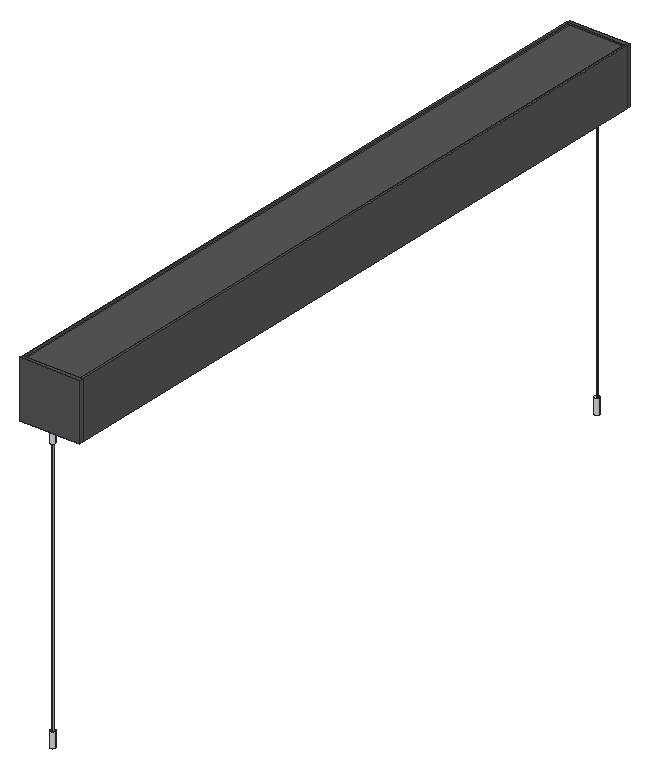
Revit family "EOS4.0-P-DI", category Lighting Fixtures, host Face, Revit 2018
Family settings
  Host = Face
  Round Connector Dimension = Use Diameter
  Part Type = Normal
  Cut with Voids When Loaded = No
  Light Source = Yes
  Shared = Yes
  Room Calculation Point = Yes
Parameters (values of type "4' Direct/ Indirect")
  Wattage = 35.2941 W
  built-in parameter 1150110 = 1 (stored number, unit not read)
  Voltage = 0 V
  built-in parameter 1114217 = 1 (stored number, unit not read)
  Tilt Angle = 90.00°
  built-in parameter 1150109 = 1 (stored number, unit not read)
  built-in parameter 1150134 = 12
  Switch Leg Visibility = no
  Switch Leg [instance] = ""
  Suspension Length [instance] = 2' - 0"
  built-in parameter 1150113 = 1 (stored number, unit not read)
  Photometric Web File = "EOS4.0-P-DI_375_375_4_40K_8.ies"
  Material [instance] = LUX ILLUMINAIRE Black
  built-in parameter 1150105 = 238.73 (stored number, unit not read)
  Lumens = 3000 lm
  built-in parameter 1150115 = 1 (stored number, unit not read)
  built-in parameter 1150137 = (empty or 0)
  built-in parameter 1150139 = (empty or 0)
  built-in parameter 1150112 = 1 (stored number, unit not read)
  built-in parameter 1150114 = 1 (stored number, unit not read)
  Lamp = "LED"
  built-in parameter 1150132 = 2
  built-in parameter 1150102 = (empty or 0)
  built-in parameter 1150107 = 4000 (stored number, unit not read)
  built-in parameter 1150138 = (empty or 0)
  built-in parameter 1150106 = 2.3873 (stored number, unit not read)
  Fixture Width = 0' - 4 3/16"
  Fixture Symbol Visiblity = yes
  Fixture Length = 4' - 0"
  Emit from Rectangle Width = Fixture Width - 0' 0 1/4"  # 0' - 3 15/16"
  Emit from Rectangle Length = Fixture Length  # 4' - 0"
  Emit Shape Visible in Rendering = yes
  Emergency Lighting [instance] = no
  built-in parameter 1150104 = 7.8968 (stored number, unit not read)
  Dimming Lamp Color Temperature Shift = <None>
  Default Elevation = 4' - 0"
  Color Filter = 16777215
  built-in parameter 1140040 [instance] = 1
  built-in parameter 1114218 = 1 (stored number, unit not read)
  built-in parameter 1150133 = 10 (stored number, unit not read)
  Apparent Load = 30.6 VA
Types (7): name | Wattage | built-in parameter 1150105 | Lumens | built-in parameter 1150106 | Fixture Length | Emit from Rectangle Length | Apparent Load
  2' Direct/ Indirect | 17.6471 W | 119.37 (stored number, unit not read) | 1500 lm | 1.1937 (stored number, unit not read) | 2' - 0" | 2' - 0" | 15.3 VA
  3' Direct/ Indirect | 26.4706 W | 179.05 (stored number, unit not read) | 2250 lm | 1.7905 (stored number, unit not read) | 3' - 0" | 3' - 0" | 23 VA
  4' Direct/ Indirect | 35.2941 W | 238.73 (stored number, unit not read) | 3000 lm | 2.3873 (stored number, unit not read) | 4' - 0" | 4' - 0" | 30.6 VA
  5' Direct/ Indirect | 44.1176 W | 298.42 (stored number, unit not read) | 3750 lm | 2.9842 (stored number, unit not read) | 5' - 0" | 5' - 0" | 38 VA
  6' Direct/ Indirect | 52.9412 W | 358.1 (stored number, unit not read) | 4500 lm | 3.581 (stored number, unit not read) | 6' - 0" | 6' - 0" | 45.9 VA
  7' Direct/ Indirect | 61.7647 W | 417.78 (stored number, unit not read) | 5250 lm | 4.1778 (stored number, unit not read) | 7' - 0" | 7' - 0" | 53.6 VA
  8' Direct/ Indirect | 70.5882 W | 477.46 (stored number, unit not read) | 6000 lm | 4.7746 (stored number, unit not read) | 8' - 0" | 8' - 0" | 61.2 VA
Reference planes (in)
  plane 1 "Center (Front/Back)": y = 0
  plane 2: z = 0
  plane 3 "Center (Left/Right)": x = 0
  plane 4: x = 2.09375
  plane 5: x = -2.09375
  plane 6: y = 24
  plane 7: y = -24
  plane 8: z = 24
  plane 9: y = 24.25
  plane 10: y = -24.25
  plane 11: z = 1
  plane 12: z = 20
  plane 13: z = 19.25
Forms (in)
  Extrusion 1, solid, material "LUX ILLUMINAIRE Black" <- "Material"
    sketch origin (0, 0, 0) x (1, 0, 0) y (0, 0, 1)
      loop
        line (-2.094, 19.9985) -> (-0.437, 19.9985) -> (0.438, 19.9985) -> (2.09501, 19.9985) -> (2.09501, 24) -> (2.01002, 24) -> (2.01002, 23.887) -> (1.85803, 23.90497) -> (-1.85745, 23.90497) -> (-2.00901, 23.887) -> (-2.00901, 24) -> (-2.094, 24) -> (-2.094, 19.9985)
    from -24 to 24
  Extrusion 2, solid, material "LUX ILLUMINAIRE Black" <- "Material"
    sketch origin (0, 0, 0) x (1, 0, 0) y (0, 0, 1)
      loop
        line (-2.094, 24) -> (-2.094, 19.9985) -> (-0.437, 19.9985) -> (0.438, 19.9985) -> (2.09501, 19.9985) -> (2.09501, 24) -> (-2.094, 24)
    from 24 to 24.25
  Extrusion 3, solid
    sketch origin (0, 0, 0) x (1, 0, 0) y (0, 1, 0)
      loop
        circle (0.00029, -24) r 0.1875
    from 0 to 1
  Extrusion 4, solid
    sketch origin (0, 0, 0) x (1, 0, 0) y (0, 1, 0)
      loop
        circle (0.0005, -24) r 0.03125
    from 1 to 19.25
  Extrusion 5, solid
    sketch origin (0, 0, 0) x (1, 0, 0) y (0, 1, 0)
      loop
        circle (0.0005, -24) r 0.18729
    from 19.25 to 20
  Extrusion 6, solid, not visible
    sketch origin (0, 0, 0) x (1, 0, 0) y (0, 1, 0)
      loop
        circle (0.00029, -24) r 0.1875
    from 0 to 1
  Extrusion 7, solid, not visible
    sketch origin (0, 0, 0) x (1, 0, 0) y (0, 1, 0)
      loop
        circle (0.0005, -24) r 0.03125
    from 1 to 13.33203
  Extrusion 8, solid, not visible
    sketch origin (0, 0, 0) x (1, 0, 0) y (0, 1, 0)
      loop
        circle (0.0005, -24) r 0.18729
    from 13.33203 to 14.08203
  Extrusion 9, solid, material "LUX ILLUMINAIRE Black" <- "Material"
    sketch origin (0.00056, 24, 0) x (1, 0, 0) y (0, 0, -1)
      loop
        line (-2.09431, -24) -> (2.09319, -24) -> (2.09319, -19.9985) -> (0.438, -19.9985) -> (-0.437, -19.9985) -> (-2.09431, -19.9985) -> (-2.09431, -24)
    from 0 to 0.25
  Extrusion 10, solid
    sketch origin (0, 0, 0) x (1, 0, 0) y (0, 1, 0)
      loop
        circle (0.00029, 24) r 0.1875
    from 0 to 1
  Extrusion 11, solid
    sketch origin (0, 0, 0) x (1, 0, 0) y (0, 1, 0)
      loop
        circle (0.0005, 24) r 0.03125
    from 1 to 19.25
  Extrusion 12, solid
    sketch origin (0, 0, 0) x (1, 0, 0) y (0, 1, 0)
      loop
        circle (0.0005, 24) r 0.18729
    from 19.25 to 20
Lines and regions (in)
  symbolic lines, visible <- "Fixture Symbol Visiblity"
    curve 1: line (-2.09375, 24, 0) -> (2.09375, 24, 0)
    curve 2: line (-2.09375, -24, 0) -> (-2.09375, 24, 0)
    curve 3: line (2.09375, -24, 0) -> (-2.09375, -24, 0)
    curve 4: line (2.09375, 24, 0) -> (2.09375, -24, 0)
Dimensions and locks (in)
  plane 5 to plane 4 = 0' - 4 3/16"
  equal spacing: plane 7, plane 1 "Center (Front/Back)", plane 6
  "Fixture Length": plane 7 to plane 6
  locked: plane 6 to plane 9 at 0.25
  locked: plane 10 to plane 7 at 0.25
  "Suspension Length": plane 8 to level
  "Fixture Width": plane 4 to plane 5
  equal spacing: plane 4, plane 3 "Center (Left/Right)", plane 5
  locked: nested 2 to plane 10 at 9.5
  locked: nested 3 to Extrusion 1 at 0.09086
  plane 8 to plane 12 to plane 13 = 0' - 4" locked, 0' - 0 3/4" locked
  locked: plane 8 to imposter light at 0.05558
  aligned and locked: plane 2 to host face
  aligned and locked: level to host face
  aligned and locked: Extrusion 9 to plane 5
  aligned and locked: plane 4 to Extrusion 9
  aligned and locked: plane 6 to Extrusion 9
  aligned and locked: Extrusion 1 to plane 6
  aligned and locked: plane 10 to Extrusion 2
  aligned and locked: Extrusion 2 to plane 7
  aligned and locked: plane 7 to Extrusion 1
  aligned and locked: Extrusion 9 to plane 9
  aligned and locked: plane 12 to Extrusion 12
  aligned and locked: Extrusion 12 to plane 13
  aligned and locked: plane 13 to Extrusion 11
  aligned and locked: plane 12 to Extrusion 5
  aligned and locked: Extrusion 5 to plane 13
  aligned and locked: plane 13 to Extrusion 4
  aligned and locked: plane 7 to nested 1
  aligned and locked: plane 6 to curve 1
  aligned and locked: plane 5 to curve 2
  aligned and locked: curve 3 to plane 7
  aligned and locked: curve 4 to plane 4
  aligned and locked: nested 1 to plane 6
  aligned and locked: plane 8 to Extrusion 9
  aligned and locked: plane 8 to Extrusion 2
Automatic sketch dimensions
  host sketch curve to host sketch curve = 8' - 0"  (x2)
  Extrusion 1 sketch curve to plane 5 = 0' - 0.00025"
  plane 5 to Extrusion 1 sketch curve = 0' - 0.08474"  (x2)
  Extrusion 1 sketch curve to plane 8 = 0' - 0.113"  (x2)
  Extrusion 1 sketch curve to plane 8 = 0' - 0.09503"  (x2)
  Extrusion 1 sketch curve to Extrusion 1 sketch curve = 0' - 0.15157"
  Extrusion 1 sketch curve to plane 12 = 0' - 0.0015"
  Extrusion 1 sketch curve to plane 3 "Center (Left/Right)" = 0' - 0.437"
  plane 3 "Center (Left/Right)" to Extrusion 1 sketch curve = 0' - 0.438"
  Extrusion 1 sketch curve to plane 4 = 0' - 0.23572"
  Extrusion 1 sketch curve to plane 4 = 0' - 0.08373"  (x2)
  plane 4 to Extrusion 1 sketch curve = 0' - 0.00126"
  plane 8 to Extrusion 1 sketch curve = 0' - 0"  (x2)
  Extrusion 1 sketch curve to Extrusion 1 sketch curve = 0' - 0"  (x2)
  Extrusion 2 sketch curve to plane 5 = 0' - 0.00025"
  Extrusion 2 sketch curve to plane 12 = 0' - 0.0015"
  Extrusion 2 sketch curve to plane 3 "Center (Left/Right)" = 0' - 0.437"
  plane 3 "Center (Left/Right)" to Extrusion 2 sketch curve = 0' - 0.438"
  plane 4 to Extrusion 2 sketch curve = 0' - 0.00126"
  plane 8 to Extrusion 2 sketch curve = 0' - 0"
  plane 5 to Extrusion 9 sketch curve = 0' - 0"
  Extrusion 9 sketch curve to plane 12 = 0' - 0.0015"
  Extrusion 9 sketch curve to plane 3 "Center (Left/Right)" = 0' - 0.43644"
  plane 3 "Center (Left/Right)" to Extrusion 9 sketch curve = 0' - 0.43856"
  plane 4 to Extrusion 9 sketch curve = 0' - 0"
  plane 8 to Extrusion 9 sketch curve = 0' - 0"
  plane 7 to Extrusion 3 sketch curve = 0' - 0"
  plane 3 "Center (Left/Right)" to Extrusion 3 sketch curve = 0' - 0.00029"
  plane 7 to Extrusion 4 sketch curve = 0' - 0"
  plane 3 "Center (Left/Right)" to Extrusion 4 sketch curve = 0' - 0.0005"
  plane 7 to Extrusion 5 sketch curve = 0' - 0"
  plane 3 "Center (Left/Right)" to Extrusion 5 sketch curve = 0' - 0.0005"
  plane 6 to Extrusion 10 sketch curve = 0' - 0"
  plane 3 "Center (Left/Right)" to Extrusion 10 sketch curve = 0' - 0.00029"
  plane 6 to Extrusion 11 sketch curve = 0' - 0"
  plane 3 "Center (Left/Right)" to Extrusion 11 sketch curve = 0' - 0.0005"
  plane 6 to Extrusion 12 sketch curve = 0' - 0"
  plane 3 "Center (Left/Right)" to Extrusion 12 sketch curve = 0' - 0.0005"
  radius of Extrusion 3 sketch curve = 0' - 0 3/16"
  radius of Extrusion 4 sketch curve = 0' - 0 1/32"
  radius of Extrusion 5 sketch curve = 0' - 0.18729"
  radius of Extrusion 6 sketch curve = 0' - 0 3/16"
  radius of Extrusion 7 sketch curve = 0' - 0 1/32"
  radius of Extrusion 8 sketch curve = 0' - 0.18729"
  radius of Extrusion 10 sketch curve = 0' - 0 3/16"
  radius of Extrusion 11 sketch curve = 0' - 0 1/32"
  radius of Extrusion 12 sketch curve = 0' - 0.18729"
Nested families (in)
  nested 1: "Emergency Symbol Rectangle" at (-11.85739, 0, 0) x (0, 1, 0) z (0, 0, 1), visible <- "Emergency Lighting", type "Emergency Symbol Rectangle"
    with Width 1' - 0.40228", Length 4' - 0"
  nested 2: "Switch Leg Annotation" at (9.99627, -14.75, 0) x (0, 1, 0) z (0, 0, 1), visible <- "Switch Leg Visibility", Switch Leg Annotation <- "Switch Leg", type "Switch Leg Annotation"
    with Switch Leg Annotation ""
  nested 3: "Indirect Light Source 2" at (-8.67032, 0.00882, -34.09236) x (0, 1, 0) z (0, 0, 1), type "Indirect Light Source 2"
Connectors (in)
  electrical at (0.00029, 24, 0), driven by "Apparent Load", driven by "Voltage"
    settings: on Extrusion 10, index 1, voltage 0 V, apparent load 0 VA, apparent load phase1 30.6 VA, apparent load phase2 0 VA, apparent load phase3 0 VA, power factor 1, load classification "Other", number of poles 1, system type 31, power factor state 1, is connector primary yes, connector utility no, sub classification motor no, connector description ""
Definition of nested family "Emergency Symbol Rectangle"
  Parameters (values of type "Emergency Symbol Rectangle")
    Width [instance] = 0' - 8 1/2"
    Length [instance] = 5' - 0"
    Emergency Visibility = no
  Reference planes (in)
    plane 1 "Center (Front/Back)": y = -7.75
    plane 2: z = 0
    plane 3 "Center (Left/Right)": x = -24
    plane 4: x = 24
    plane 5: x = -36
    plane 6: y = -3.5
    plane 7: y = -12
  Lines and regions (in)
    Filled region 1, type "Solid Fill - Black", in view "Ref. Level", detail levels coarse+medium
      outline origin (0, 0.25, 0) x (1, 0, 0) y (0, 1, 0)
        loop
          line (-36, -12.25) -> (24, -12.25) -> (-36, -10.125) -> (-36, -12.25)
  Dimensions and locks (in)
    equal spacing: plane 7, plane 1 "Center (Front/Back)", plane 6
    "Width": plane 7 to plane 6
    "Length": plane 5 to plane 4
    aligned and locked: plane 5 to Filled region 1
  Automatic sketch dimensions
    plane 1 "Center (Front/Back)" to Filled region 1 sketch curve = 0' - 2 1/8"
    Filled region 1 sketch curve to plane 3 "Center (Left/Right)" = 1' - 0"
    Filled region 1 sketch curve to plane 4 = 0' - 0"
    Filled region 1 sketch curve to plane 7 = 0' - 0"
Definition of nested family "Switch Leg Annotation"
  Parameters (values of type "Switch Leg Annotation")
    Switch Leg Annotation [instance] = ""
  Reference planes (in)
    plane 1: y = 0
    plane 2: x = 0
  Text (in)
    label "a" at (0.00527, 0.01239, 0), shows "Switch Leg Annotation"
Definition of nested family "Indirect Light Source 2"
  Parameters (values of type "Indirect Light Source 2")
    Wattage = 20 W
    built-in parameter 1150110 = 1 (stored number, unit not read)
    built-in parameter 1114217 = 1 (stored number, unit not read)
    built-in parameter 1150109 = 1 (stored number, unit not read)
    built-in parameter 1150134 = (empty or 0)
    built-in parameter 1150113 = 1 (stored number, unit not read)
    Lumens = 1700 lm
    built-in parameter 1150115 = 1 (stored number, unit not read)
    built-in parameter 1150105 = 541.13 (stored number, unit not read)
    Light Source Symbol Size = 2' - 0"
    built-in parameter 1150137 = (empty or 0)
    built-in parameter 1150139 = (empty or 0)
    built-in parameter 1150112 = 1 (stored number, unit not read)
    built-in parameter 1150114 = 1 (stored number, unit not read)
    built-in parameter 1150132 = (empty or 0)
    built-in parameter 1150102 = (empty or 0)
    built-in parameter 1150138 = (empty or 0)
    built-in parameter 1150107 = 3500 (stored number, unit not read)
    built-in parameter 1150106 = 5.4113 (stored number, unit not read)
    Emit from Rectangle Width = 0' - 4 3/16"
    Emit from Rectangle Length = 7' - 11 1/2"
    Emit Shape Visible in Rendering = yes
    built-in parameter 1150104 = 7.8968 (stored number, unit not read)
    Dimming Lamp Color Temperature Shift = (empty or 0)
    Color Filter = 16777215
    built-in parameter 1114218 = 1 (stored number, unit not read)
    built-in parameter 1150133 = 10 (stored number, unit not read)
  Reference planes (in)
    plane 1 "Light Source Axis (F/B)": y = -8.60801
    plane 2: z = 0
    plane 3 "Light Source Axis (L/R)": x = 0
    plane 4 "Light Source Elevation": z = 54
    plane 5: z = 0
  Lines and regions (in)
    model lines
      curve 1: line (-22, -8.60801, 54) -> (21, -8.60801, 54)
  Dimensions and locks (in)
    aligned and locked: plane 3 "Light Source Axis (L/R)" to imposter light
    aligned and locked: level to plane 5
